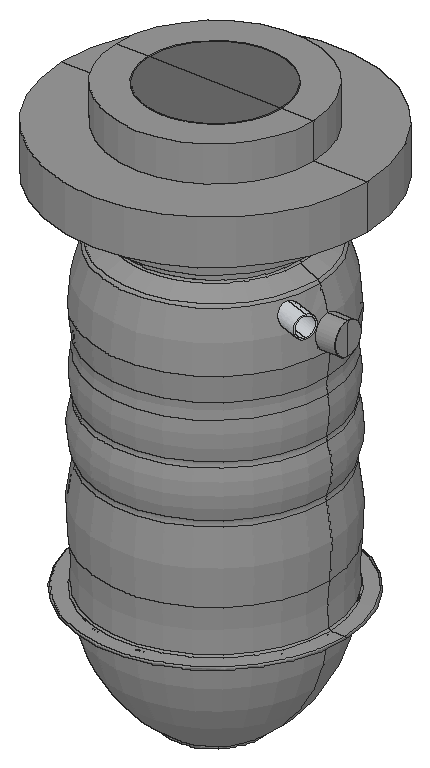
Revit family "142096-Lipumax NS 7", category Plumbing Fixtures, host Floor, Revit 2016
Family settings
  Host = Floor
  Part Type = Normal
  Round Connector Dimension = Use Diameter
  Work Plane-Based = No
  Always vertical = Yes
  Cut with Voids When Loaded = No
  Shared = No
  Room Calculation Point = No
Parameters (values of type "142096-Lipumax with (142299-Rhinocast Class D circular cover, R C collar, load distr. plate & riser)")
  e-mail Sales = "sales@acoaus.com.au"
  Watermarked with = "BIM Manager Premium Suite"
  Watermarked By = "www.acopassavant.com.au"
  Watermark2 = "This file is water marked and users are prohibited to reproduce, adapt, distribute this information"
  Watermark1 = "This file is the property of ACO Passavant"
  Void end [instance] = -(Lipumax depth from floor)  # -2894 mm
  URL = "www.acopassavant.com.au"
  Type Comments = "ACO Passavant Lipumax NS 7 / 1675 L"
  Top_Raising ring [instance] = and(not([142311-Load Distribution plate]), (Riser Tube))  # no
  Telephone = "+61 (0) 2 4747 4000"
  Riser tube product code 142350 = "Adds between 367-607mm to overall height. 22kg"
  Riser tube product code 142134 = "N/A"
  Revision = "0"
  Raising ring_extrapart depth [instance] = if([142311-Load Distribution plate], 178 mm, 258.2 mm)  # 178 mm
  Raising ring depth [instance] = if([142311-Load Distribution plate], Cover Depth - 48 mm + 158 mm - 50 mm, if(and(Cover Depth = 200 mm, Top_Raising ring), Cover Depth, if(and(Cover Depth = 150 mm, Top_Raising ring), Cover Depth - 48 mm, if(Riser Tube, Cover Depth - 28 mm, Lipumax depth from floor - 20 mm))))  # 240 mm
  Product brochure = "www.acopassavant.com.au/resources"
  Product Weight = "108"
  Product Standard = "EN 1825"
  Product Page URL = "www.acopassavant.com.au"
  Product Dimensions = "1321 x 2316"
  Product Code = "142096"
  Price = "0.00"
  Model Description = "Below ground gravity grease separator"
  Model = "ACO Passavant Lipumax NS 7 / 1675 L"
  Manufacturer = "ACO Polycrete Pty Ltd"
  Maintenance guidelines = "www.acopassavant.com.au/resources/installation"
  Load distribution plate product code 142311 = "733kg"
  Installation guidelines = "www.acopassavant.com.au/resources/technical-data"
  Grease separator lid material = ACOIron, Ductile
  Grease separator body material = Polyethylene
  GCW inlet pipe [instance] = and(GCW, Riser Tube)  # no
  Flow rate = "7 L/s out flow of treated effluent to EN 1825"
  Flow distributor 160Ø product code 142102 = "160Ø. Black HDPE pipe, 1.3kg"
  Flow distributor 160Ø [instance] = no
  Flow distributor 110Ø product code 142101 = "110Ø. Black HDPE pipe, 0.6kg"
  Flow distributor 110Ø [instance] = no
  Fax = "+44 (2) 4747 4040"
  Created by = "www.acoaus.com.au"
  Cost = 0
  Collar and/or load distribution plate = Reinforced Concrete
  Class D = yes
  Class B = no
  Baffle cap to suit NS 2-4 product code 142105 = "2 xBaffle cap 190Ø x  68 high. Black plastic and rubber 0.1kg"
  Baffle cap to suit NS 2-4 [instance] = no
  Assembly Code = "D2030400"
  Address = "134-140 Old Bathurst Road, Emu Plains, NSW 2750, Australia"
  Riser Tube [instance] = yes
  142311-Load Distribution plate [instance] = yes
  Lipumax depth from floor [instance] = if(and(not(Riser Tube), Cover Depth = 180 mm), Cover Depth + 220.4 mm + 2346 mm, if(and(not(Riser Tube), Cover Depth = 130 mm), Cover Depth - 10 mm + 2346 mm, if(and(Riser Tube, GCW inlet pipe, not([142311-Load Distribution plate]), Class D), 3153 mm, if(and(Riser Tube, GCW inlet pipe, not([142311-Load Distribution plate]), Class B), 3073 mm, if(and(Riser Tube, not(GCW inlet pipe), not([142311-Load Distribution plate]), Lipumax depth < 2833 mm), 2833 mm, if(and(Riser Tube, not([142311-Load Distribution plate]), Lipumax depth > 3073 mm), 3073 mm, if(and(Riser Tube, [142311-Load Distribution plate], not(GCW inlet pipe), Class D, Lipumax depth > 3134 mm), 3134 mm, if(and(Riser Tube, [142311-Load Distribution plate], not(GCW inlet pipe), Class B, Lipumax depth > 3084 mm), 3084 mm, if(and(Riser Tube, [142311-Load Distribution plate], not(GCW inlet pipe), Class D, Lipumax depth < 2894 mm), 2894 mm, if(and(Riser Tube, [142311-Load Distribution plate], not(GCW inlet pipe), Class B, Lipumax depth < 2844 mm), 2844 mm, if(and(Riser Tube, [142311-Load Distribution plate], Class D, (GCW inlet pipe)), 3153 mm, if(and(Riser Tube, [142311-Load Distribution plate], Class B, (GCW inlet pipe)), 3073 mm, Lipumax depth))))))))))))  # 2894 mm
  Lipumax depth [instance] = 2000 mm
  GCW = no
  Cover Depth = 180 mm
Types (8, lengths in mm): name | Void end | Top_Raising ring | Riser tube product code 142350 | Riser tube product code 142134 | Raising ring_extrapart depth | Raising ring depth | Grease separator lid material | GCW inlet pipe | Class D | Class B | Riser Tube | 142311-Load Distribution plate | Lipumax depth from floor | Lipumax depth | GCW | Cover Depth
  142096-Lipumax with (142120-Rhinocast Class B circular cover, R C collar) | -2466 | no | "Adds between 367-607mm to overall height. 22kg" | "N/A" | 258.2 | 2446 | ACOIron, Ductile | no | no | yes | no | no | 2466 | 700 | no | 130
  142096-Lipumax with (142137-GCW Rhinocast Class D circular cover, R C collar, load distr. plate & GCW riser) | -3153 | no | "N/A" | "Adds between 367-607mm to overall height" | 178 | 240 | ACOIron, Ductile | yes | yes | no | yes | yes | 3153 | 600 | yes | 180
  142096-Lipumax with (142138-GCW SAKU Class B circular cover, R C collar and GCW riser) | -3073 | yes | "N/A" | "Adds between 367-607mm to overall height" | 258.2 | 102 | ACO Polypropylene | yes | no | yes | yes | no | 3073 | 600 | yes | 130
  142096-Lipumax with (142299-Rhinocast Class D circular cover, R C collar, load distr. plate & riser) | -2894 | no | "Adds between 367-607mm to overall height. 22kg" | "N/A" | 178 | 240 | ACOIron, Ductile | no | yes | no | yes | yes | 2894 | 2000 | no | 180
  142096-Lipumax with (142099-Rhinocast Class D circular cover, R C collar) | -2746.4 | no | "Adds between 367-607mm to overall height. 22kg" | "N/A" | 258.2 | 2726.4 | ACOIron, Ductile | no | yes | no | no | no | 2746.4 | 600 | no | 180
  142096-Lipumax with (142155-GCW Rhinocast Class D circular cover, R C collar and GCW riser) | -3153 | yes | "N/A" | "Adds between 367-607mm to overall height" | 258.2 | 152 | ACOIron, Ductile | yes | yes | no | yes | no | 3153 | 600 | yes | 180
  142096-Lipumax with (142139-GCW Rhinocast Class B circular cover, R C collar and GCW riser) | -3073 | yes | "N/A" | "Adds between 367-607mm to overall height" | 258.2 | 102 | ACOIron, Ductile | yes | no | yes | yes | no | 3073 | 200 | yes | 130
  142096-Lipumax with (142119-SAKU Class B circular cover, R C collar) | -2466 | no | "Adds between 367-607mm to overall height. 22kg" | "N/A" | 258.2 | 2446 | ACO Polypropylene | no | no | yes | no | no | 2466 | 600 | no | 130
Reference planes
  plane 1 "Center (Front/Back)": y = 0
  plane 2: z = 0
  plane 3 "Center (Left/Right)": x = 0
  plane 4: z = -180
  plane 5: z = -418
  plane 6: z = -240
Forms (mm)
  Revolve 1, solid, material "Reinforced Concrete" <- "Collar and/or load distribution plate"
    sketch origin (0, 0, 0) x (1, 0, 0) y (0, 0, 1)
      loop
        line (-500, -200) -> (-301.5, -200) -> (-301.5, -72) -> (-350, -72) -> (-350, -60) -> (-339.144, -60) -> (-336, 0) -> (-500, 0) -> (-500, -200)
      axis (0, 0) -> (0, -200)
    angle from 0 to 360
  Revolve 2, solid, material "ACOIron, Ductile" <- "Grease separator lid material"
    sketch origin (0, 0, 0) x (1, 0, 0) y (0, 0, 1)
      loop
        line (-339.144, -60) -> (-350, -60) -> (-350, -72) -> (-301.5, -72) -> (0, -72) -> (0, 0) -> (-336, 0) -> (-339.144, -60)
      axis (0, 0) -> (0, -72)
    angle from 0 to 360
  Revolve 3, solid, material "Reinforced Concrete" <- "Collar and/or load distribution plate", visible <- "142311-Load Distribution plate"
    sketch origin (0, 0, 0) x (1, 0, 0) y (0, 0, 1)
      loop
        line (-775, -180) -> (-775, -408) -> (-425, -408) -> (-432.264, -200) -> (-500, -200) -> (-500, -180) -> (-775, -180)
      axis (0, -180) -> (0, -408)
    angle from 0 to 360
  Revolve 4, solid, material "Polyethylene" <- "Grease separator body material", visible <- "Riser Tube"
    sketch origin (0, 0, -259.203) x (1, 0, 0) y (0, 0, 1)
      loop
        line (-420, -38.797) -> (-420, -138.024)
        arc (-420, -138.024) -> (-422.75, -144.901) -> (-429.477, -148) r 10
        line (-429.477, -148) -> (-521, -152.797) -> (-521, -164.797) -> (-429.501, -169.595)
        arc (-429.501, -169.595) -> (-422.754, -172.69) -> (-419.999, -179.584) r 10.001
        line (-419.999, -179.584) -> (-419.999, -636.797) -> (-412, -636.797) -> (-412, -201.797) -> (-412, -46.797) -> (-412, -38.797) -> (-420, -38.797)
      axis (0, -38.797) -> (0, -636.797)
    angle from 0 to 360
  Extrusion 5, void
    sketch origin (0, 0, 0) x (1, 0, 0) y (0, 1, 0)
      loop
        circle (0, 0) r 500
    from 0 to -200
  Extrusion 6, void
    sketch origin (0, 0, 0) x (1, 0, 0) y (0, 1, 0)
      loop
        circle (0, 0) r 775
    from -180 to -2894 <- "Void end"
  Revolve 7, solid, visible <- "Top_Raising ring"
    sketch origin (0, 0, 0) x (1, 0, 0) y (0, 0, 1)
      loop
        arc (-521, -288) -> (-518.071, -295.071) -> (-511, -298) r 10
        line (-511, -298) -> (-411.755, -298) -> (-411.755, -290) -> (-511, -290)
        arc (-511, -290) -> (-512.415, -289.413) -> (-513, -287.996) r 2
        line (-513, -287.996) -> (-513, -240) -> (-521, -240) -> (-521, -288)
      axis (0, -240) -> (0, -298)
    angle from 0 to 360
  Revolve 8, solid, visible <- "GCW inlet pipe"
    sketch origin (0, 0, 0) x (1, 0, 0) y (0, 0, 1)
      loop
        line (412, -453.857) -> (412, -458.857) -> (572.741, -458.857) -> (572.741, -453.857) -> (412, -453.857)
      axis (412, -508.857) -> (572.741, -508.857)
    angle from 0 to 360
Dimensions and locks
  "Cover Depth": plane 2 to plane 4
  locked: Revolve 7 sketch curve to Revolve 7 sketch curve at 8
  locked: plane 5 to Revolve 4 sketch curve at 478
  "Raising ring_extrapart depth": plane 6 to plane 5
  "Raising ring depth": plane 2 to plane 6
  Revolve 3 sketch curve to Revolve 3 sketch curve to Revolve 3 sketch curve = 20 mm locked, 208 mm locked
  "Cover Depth": plane 2 to Revolve 3 sketch curve
  Revolve 8 sketch curve to Revolve 8 sketch curve to Revolve 8 sketch curve = 5 mm locked, 50 mm locked
  locked: plane 5 to Revolve 8 sketch curve at 90.857
  "Lipumax depth from floor": plane 2 to nested 1
  aligned and locked: level to plane 2
  aligned and locked: nested 1 to plane 3 "Center (Left/Right)"  (x2)
  aligned and locked: Revolve 1 sketch curve to plane 3 "Center (Left/Right)"
  aligned and locked: Revolve 2 sketch curve to plane 3 "Center (Left/Right)"
  aligned and locked: Revolve 2 sketch curve to Revolve 1
  aligned and locked: Revolve 1 to Revolve 2 sketch curve
  aligned and locked: Revolve 1 to plane 2
  aligned and locked: Revolve 3 sketch curve to plane 3 "Center (Left/Right)"
  aligned and locked: Revolve 4 sketch curve to plane 3 "Center (Left/Right)"
  aligned and locked: nested 1 to plane 1 "Center (Front/Back)"
  aligned and locked: Extrusion 5 sketch curve to Revolve 1
  aligned and locked: Extrusion 6 sketch curve to Revolve 3  (x2)
  aligned and locked: plane 2 to Extrusion 5
  aligned and locked: Revolve 7 sketch curve to plane 3 "Center (Left/Right)"
  aligned and locked: plane 6 to Revolve 7
  aligned and locked: Revolve 1 sketch curve to Revolve 3
  aligned and locked: Extrusion 6 to plane 4
  aligned and locked: Extrusion 5 to Revolve 1
Automatic sketch dimensions
  Revolve 2 sketch curve to plane 3 "Center (Left/Right)" = 0 mm
  Revolve 2 sketch curve to plane 3 "Center (Left/Right)" = 301.5 mm
  Revolve 2 sketch curve to Revolve 2 sketch curve = 34.5 mm
  Revolve 2 sketch curve to level = 60 mm
  Revolve 2 sketch curve to Revolve 2 sketch curve = 37.644 mm
  Revolve 2 sketch curve to Revolve 2 sketch curve = 10.856 mm
  Revolve 2 sketch curve to Revolve 2 sketch curve = 1000 mm
  Revolve 7 sketch curve to plane 3 "Center (Left/Right)" = 521 mm
  Revolve 7 sketch curve to Revolve 7 sketch curve = 2 mm
  Revolve 7 sketch curve to Revolve 7 sketch curve = 0 mm  (x3)
  Revolve 7 sketch curve to Revolve 7 sketch curve = 99.245 mm
  Revolve 7 sketch curve to Revolve 7 sketch curve = 0.004 mm
  Revolve 7 sketch curve to Revolve 7 sketch curve = 47.996 mm
  level to Revolve 7 sketch curve = 1000 mm
  Revolve 7 sketch curve to Revolve 7 sketch curve = 8 mm
  plane 4 to Revolve 2 sketch curve = 850 mm
  Revolve 7 sketch curve to Revolve 7 sketch curve = 730 mm
  Revolve 7 sketch curve to plane 6 = 0 mm
  Revolve 4 sketch curve to plane 3 "Center (Left/Right)" = 412 mm
  Revolve 4 sketch curve to Revolve 4 sketch curve = 7.999 mm
  Revolve 4 sketch curve to Revolve 4 sketch curve = 8 mm  (x2)
  plane 5 to Revolve 4 sketch curve = 10.798 mm
  Revolve 4 sketch curve to Revolve 4 sketch curve = 9.502 mm
  Revolve 4 sketch curve to Revolve 4 sketch curve = 10 mm
  Revolve 4 sketch curve to Revolve 4 sketch curve = 10.001 mm
  Revolve 4 sketch curve to plane 5 = 6 mm
  Revolve 4 sketch curve to Revolve 4 sketch curve = 91 mm
  plane 5 to Revolve 4 sketch curve = 6 mm
  Revolve 4 sketch curve to plane 5 = 20.773 mm
  Revolve 4 sketch curve to Revolve 4 sketch curve = 0.01 mm
  plane 6 to Revolve 4 sketch curve = 66 mm
  Revolve 4 sketch curve to plane 5 = 10.797 mm
  Revolve 4 sketch curve to Revolve 4 sketch curve = 0.523 mm
  Revolve 4 sketch curve to Revolve 4 sketch curve = 0 mm
  Revolve 4 sketch curve to Revolve 4 sketch curve = 103.203 mm
  Revolve 4 sketch curve to Revolve 4 sketch curve = 22.213 mm
  level to Revolve 4 sketch curve = 740.797 mm
  Revolve 1 sketch curve to level = 0 mm
  Revolve 1 sketch curve to level = 72 mm
  Revolve 1 sketch curve to plane 3 "Center (Left/Right)" = 301.5 mm
  Revolve 1 sketch curve to Revolve 1 sketch curve = 34.5 mm
  Revolve 1 sketch curve to level = 60 mm
  Revolve 1 sketch curve to Revolve 1 sketch curve = 37.644 mm
  Revolve 1 sketch curve to Revolve 1 sketch curve = 10.856 mm
  Revolve 1 sketch curve to Revolve 1 sketch curve = 150 mm
  plane 5 to Revolve 1 sketch curve = 562 mm
  level to Revolve 1 sketch curve = 1000 mm
  plane 3 "Center (Left/Right)" to Revolve 8 sketch curve = 572.741 mm
  Revolve 8 sketch curve to Revolve 8 sketch curve = 160.741 mm
  Revolve 8 sketch curve to Revolve 8 sketch curve = 39.259 mm
  Revolve 8 sketch curve to Revolve 8 sketch curve = 20 mm
  Revolve 3 sketch curve to plane 3 "Center (Left/Right)" = 425 mm
  Revolve 3 sketch curve to Revolve 3 sketch curve = 7.264 mm
  Revolve 3 sketch curve to Revolve 3 sketch curve = 67.736 mm
  Revolve 3 sketch curve to Revolve 3 sketch curve = 275 mm
  plane 5 to Revolve 3 sketch curve = 582 mm
  level to Revolve 3 sketch curve = 1000 mm
Nested families
  nested 1: "Lipumax" at (0, 0, -547.685), Grease separator body material <- "Grease separator body material", type "Lipumax"
    with Grease separator body material Polyethylene
Connectors
  piping at (-685, 0, -857.685), diameter 160
    settings: on nested 1, index 1, connector inside diameter 609.6 mm, connector length 0 mm, flow factor 0, pipe flow 7.0 L/s, pressure drop 0.0 Pa, fitting loss kfactor 0, connector angle 0.00°, fixture units 0, engagement length 0 mm, angle of deflection 0.00°, flow configuration 1, flow direction 1, fitting loss method 0, system type 16, joint type 0, gender type 0, connector reference index 5, connector utility 0, adjustable connector yes, is connector primary yes, connector description "Inlet_Pipe Connector"
  piping at (-613.483, 219.347, -793.92), diameter 110
    settings: on nested 1, index 3, connector inside diameter 609.6 mm, connector length 0 mm, flow factor 0, pipe flow 0.0 L/s, pressure drop 0.0 Pa, fitting loss kfactor 0, connector angle 0.00°, fixture units 0, engagement length 0 mm, angle of deflection 0.00°, flow configuration 0, flow direction 0, fitting loss method 0, system type 17, joint type 0, gender type 0, connector reference index -1, connector utility 0, adjustable connector yes, is connector primary no, connector description "Vent1"
  piping at (632.788, -218.614, -793.92), diameter 110
    settings: on nested 1, index 4, connector inside diameter 609.6 mm, connector length 0 mm, flow factor 0, pipe flow 0.0 L/s, pressure drop 0.0 Pa, fitting loss kfactor 0, connector angle 0.00°, fixture units 0, engagement length 0 mm, angle of deflection 0.00°, flow configuration 0, flow direction 0, fitting loss method 0, system type 17, joint type 0, gender type 0, connector reference index -1, connector utility 0, adjustable connector yes, is connector primary no, connector description "Vent2"
  piping at (675.258, 0, -927.685), diameter 160
    settings: on nested 1, index 5, connector inside diameter 609.6 mm, connector length 0 mm, flow factor 0, pipe flow 7.0 L/s, pressure drop 0.0 Pa, fitting loss kfactor 0, connector angle 0.00°, fixture units 0, engagement length 0 mm, angle of deflection 0.00°, flow configuration 1, flow direction 2, fitting loss method 0, system type 16, joint type 0, gender type 0, connector reference index 1, connector utility 0, adjustable connector yes, is connector primary no, connector description ""
Definition of nested family "Lipumax"
  Parameters
    Type Comments = "﻿﻿                  ​        ​                       ﻿​    ﻿ ﻿  ﻿    ​﻿﻿  ​                       ﻿ ﻿  ﻿ ﻿  ﻿    ﻿                     ​   ﻿​   ​﻿          ﻿          ﻿            ​                   ​        ﻿     ​﻿ ​  ​         ﻿      ​           ﻿     ​               ​﻿  ﻿                ﻿      ﻿   ﻿     ﻿﻿"
    Keynote = "﻿﻿                  ​        ​                       ﻿​    ﻿ ﻿  ﻿    ​﻿﻿  ​                       ﻿ ﻿  ﻿ ﻿  ﻿    ﻿                     ​   ﻿​   ​﻿          ﻿          ﻿            ​                   ​        ﻿     ​﻿ ​  ​         ﻿      ​           ﻿     ​               ​﻿  ﻿                ﻿      ﻿   ﻿     ﻿﻿"
    Grease separator body material [instance] = none
    Description = "﻿﻿                  ​        ​                       ﻿​    ﻿ ﻿  ﻿    ​﻿﻿  ​                       ﻿ ﻿  ﻿ ﻿  ﻿    ﻿                     ​   ﻿​   ​﻿          ﻿          ﻿            ​                   ​        ﻿     ​﻿ ​  ​         ﻿      ​           ﻿     ​               ​﻿  ﻿                ﻿      ﻿   ﻿     ﻿﻿"
    Assembly Code = "﻿﻿                  ​        ​                       ﻿​    ﻿ ﻿  ﻿    ​﻿﻿  ​                       ﻿ ﻿  ﻿ ﻿  ﻿    ﻿                     ​   ﻿​   ​﻿          ﻿          ﻿            ​                   ​        ﻿     ​﻿ ​  ​         ﻿      ​           ﻿     ​               ​﻿  ﻿                ﻿      ﻿   ﻿     ﻿﻿"
  Reference planes
    plane 1 "Center (Front/Back)": y = 0
    plane 2: z = 0
    plane 3 "Center (Left/Right)": x = 0
    plane 4: through (-779.2, 277.582, 1200) normal (0.3315, 0.9434, 0)
    plane 5: z = -2346.315
  Forms (mm)
    Revolve 1, solid, material <- "Grease separator body material"
      sketch origin (0, 0, 0) x (1, 0, 0) y (0, 0, 1)
        loop
          arc (235, -2346.315) -> (240.776, -2342.779) -> (240.253, -2336.027) r 6.485
          arc (240.253, -2336.027) -> (474.107, -2090.349) -> (575.202, -1766.581) r 746.943
          arc (575.202, -1766.581) -> (578.18, -1760.171) -> (584.652, -1757.33) r 10
          line (584.652, -1757.33) -> (655.684, -1753.608)
          arc (655.684, -1753.608) -> (661.217, -1747.777) -> (655.684, -1741.946) r 5.839
          line (655.684, -1741.946) -> (585.687, -1738.278)
          arc (585.687, -1738.278) -> (579.476, -1735.568) -> (576.581, -1729.442) r 9.643
          arc (576.581, -1729.442) -> (573.52, -1621.11) -> (582.2, -1513.082) r 1000
          arc (582.2, -1513.082) -> (589.919, -1333.933) -> (564.967, -1156.362) r 983.017
          arc (564.967, -1156.362) -> (563.793, -1140.992) -> (567.358, -1125.996) r 50
          arc (567.358, -1125.996) -> (591.06, -1006.936) -> (568.53, -887.65) r 318.75
          arc (568.53, -887.65) -> (565.505, -873.896) -> (567.008, -859.895) r 43.723
          arc (567.008, -859.895) -> (581.544, -763.365) -> (572.87, -666.133) r 410.363
          arc (572.87, -666.133) -> (568.556, -626.175) -> (572.317, -586.162) r 200
          arc (572.317, -586.162) -> (581.691, -523.876) -> (585.428, -461) r 700
          arc (585.428, -461) -> (572.915, -318.816) -> (531.822, -182.125) r 700
          arc (531.822, -182.125) -> (526.663, -173.849) -> (519.123, -167.665) r 30
          line (519.123, -167.665) -> (436.723, -120.092)
          arc (436.723, -120.092) -> (432.534, -115.902) -> (431, -110.179) r 11.447
          line (431, -110.179) -> (431, -48)
          arc (431, -48) -> (433.929, -40.929) -> (441, -38) r 10
          line (441, -38) -> (518, -38) -> (521.325, 0) -> (513.294, 0) -> (510.669, -30) -> (441, -30)
          arc (441, -30) -> (428.272, -35.272) -> (423, -48) r 18
          line (423, -48) -> (423, -110.179)
          arc (423, -110.179) -> (425.605, -119.902) -> (432.723, -127.02) r 19.447
          line (432.723, -127.02) -> (515.123, -174.594)
          arc (515.123, -174.594) -> (520.652, -179.128) -> (524.436, -185.197) r 22
          arc (524.436, -185.197) -> (565.059, -320.326) -> (577.429, -460.885) r 692
          arc (577.429, -460.885) -> (573.735, -523.043) -> (564.468, -584.617) r 692
          arc (564.468, -584.617) -> (560.556, -626.231) -> (565.043, -667.787) r 208
          arc (565.043, -667.787) -> (573.548, -763.123) -> (559.295, -857.771) r 402.363
          arc (559.295, -857.771) -> (557.517, -874.335) -> (561.096, -890.604) r 51.723
          arc (561.096, -890.604) -> (583.06, -1006.897) -> (559.953, -1122.968) r 310.75
          arc (559.953, -1122.968) -> (555.818, -1140.364) -> (557.179, -1158.193) r 58
          arc (557.179, -1158.193) -> (581.928, -1334.319) -> (574.272, -1512.01) r 975.017
          arc (574.272, -1512.01) -> (565.523, -1620.902) -> (568.608, -1730.101) r 1008
          arc (568.608, -1730.101) -> (573.905, -1741.31) -> (585.269, -1746.267) r 17.643
          line (585.269, -1746.267) -> (614.083, -1747.777) -> (584.233, -1749.341)
          arc (584.233, -1749.341) -> (572.583, -1754.454) -> (567.224, -1765.993) r 18
          arc (567.224, -1765.993) -> (462.953, -2093.439) -> (221.852, -2338.315) r 738.943
          line (221.852, -2338.315) -> (0, -2338.315) -> (0, -2346.315) -> (235, -2346.315)
        axis (0, 0) -> (0, -2346.315)
      angle from 0 to 360
    Revolve 2, solid, material <- "Grease separator body material"
      sketch origin (0, 0, 0) x (1, 0, 0) y (0, 0, 1)
        loop
          line (-548.629, -230) -> (-680, -230) -> (-685, -231.34) -> (-685, -310) -> (-565.102, -310)
          arc (-565.102, -310) -> (-563.834, -309.547) -> (-563.141, -308.394) r 2
          line (-563.141, -308.394) -> (-547.648, -231.197)
          arc (-547.648, -231.197) -> (-547.855, -230.366) -> (-548.629, -230) r 1
        axis (-685, -310) -> (-547.648, -310)
      angle from 0 to 360
    Revolve 3, solid
      sketch origin (-779.2, 277.582, 1200) x (-0.943441, 0.331541, 0) y (0, 0, 1)
        loop
          line (-175.652, -1391.098) -> (-326.221, -1391.098) -> (-327.215, -1391.098) -> (-327.215, -1396.098) -> (-175.652, -1396.098) -> (-175.652, -1391.098)
        axis (-327.215, -1446.234) -> (-175.652, -1446.234)
      angle from 0 to 360
    Revolve 4, solid
      sketch origin (781.551, -270.892, 1200) x (0.943441, -0.331541, 0) y (0, 0, -1)
        loop
          line (-157.681, 1391.098) -> (-157.681, 1396.098) -> (-327.215, 1396.098) -> (-327.215, 1391.098) -> (-326.221, 1391.098) -> (-157.681, 1391.098)
        axis (-327.215, 1446.234) -> (-157.681, 1446.234)
      angle from 0 to 360
    Revolve 5, solid, material <- "Grease separator body material"
      sketch origin (-9.742, 0, -69.319) x (-1, 0, 0) y (0, 0, 1)
        loop
          line (-573.738, -230.681) -> (-682.542, -230.681) -> (-685, -231.34) -> (-685, -310.681) -> (-590.211, -310.681)
          arc (-590.211, -310.681) -> (-588.943, -310.228) -> (-588.25, -309.075) r 2
          line (-588.25, -309.075) -> (-572.757, -231.878)
          arc (-572.757, -231.878) -> (-572.964, -231.048) -> (-573.738, -230.681) r 1
        axis (-685, -310.681) -> (-572.757, -310.681)
      angle from 0 to 360
  Cuts and joins
    joined: Revolve 1, Revolve 2
  Lines and regions (mm)
    reference lines
      curve 1: line (0, 0, 0) -> (0, 0, -1680)
  Dimensions and locks
    locked: Revolve 3 sketch curve to Revolve 3 sketch curve at 50.136
    locked: Revolve 3 sketch curve to Revolve 3 sketch curve at 5
    locked: Revolve 4 sketch curve to Revolve 4 sketch curve at 50.136
    locked: Revolve 4 sketch curve to Revolve 4 sketch curve at 5
    aligned and locked: level to plane 2
    aligned and locked: Revolve 1 sketch curve to plane 3 "Center (Left/Right)"
    aligned and locked: curve 1 to plane 3 "Center (Left/Right)"
    aligned and locked: plane 4 to Revolve 3
    aligned and locked: plane 5 to Revolve 1 sketch curve
    aligned and locked: Revolve 1 sketch curve to level
    aligned and locked: Revolve 5 sketch curve to Revolve 5 sketch curve
